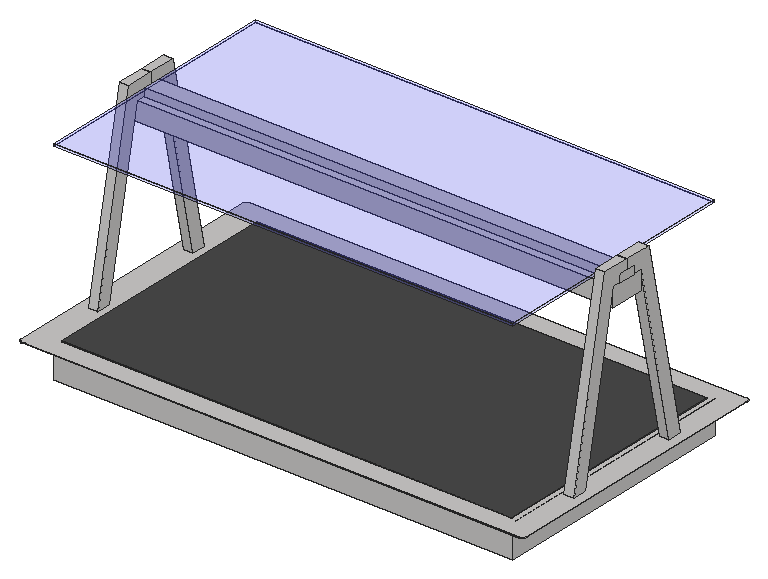
Revit family "QF_ELECTROLUXPROFESSIONAL_341181_D04C3", category Attrezzature speciali, Revit 2020
Family settings
  Quota connettore circolare = Usa diametro
  Tipo di parte = Normale
  Basato su piano di lavoro = No
  Sempre verticale = Sì
  Taglio con vuoti quando caricato = No
  Condiviso = No
  Punto di calcolo locali = No
Parameters (values of type "Standard")
  Weight = 38.10 kg
  Watts = 0 W
  Volts = 220 V
  URL Manufacturer = "https://www.electroluxprofessional.com/"
  URL = "https://www.electroluxprofessional.com/"
  Steam Supply Size = 0 mm
  Steam Supply Minimum Pressure = 0.0 Pa
  Steam Supply Maximum Pressure = 0.0 Pa
  Steam Consumption per Hour = 0
  Refrigeration Suction Line Size = 0 mm
  Refrigeration Liquid Line Size = 0 mm
  Refrigerant Compressor Remote = yes
  Prospetto di default = 0 mm
  Produttore = "Electrolux Professional"
  Phase = 1
  Modello = "D04C3"
  Length Actual = 1100 mm  # constant formula
  Item Number = "341181"
  Hot Water Size = 0 mm
  Height Actual = 484 mm  # constant formula
  HP = "0 HP"
  Gas Size = 0 mm
  Gas KW = 0
  Gas Input Pressure = 0 W
  Direct Waste Size = 0 mm
  Descrizione = "DROP-IN TEMPERED GLASS TOP, 3GN WITH A TYPE OVERSHELF AND HALOGEN LAMP"
  Depth Actual = 620 mm  # constant formula
  Cycle = 50 Hz
  Condensate Return Size = 0 mm
  Compressed Air Volume = 0.0 L/s
  Compressed Air Size = 0 mm
  Compressed Air Pressure = 0.0 Pa
  Cold Water Size = 0 mm
  Accessory = yes
Reference planes
  plane 1 "BACK": y = 0
  plane 2: z = 5.426
  plane 3 "LEFT": x = 0
  plane 4: y = -620
  plane 5: z = 409.426
  plane 6: y = -310
Forms (mm)
  Extrusion 1, solid, material "QF_Finishes_Stainless Steel"
    sketch origin (0, 0, 5.426) x (1, 0, 0) y (0, 1, 0)
      loop
        arc (10, 0) -> (2.929, -2.929) -> (0, -10) r 10
        line (0, -10) -> (0, -610)
        arc (0, -610) -> (2.929, -617.071) -> (10, -620) r 10
        line (10, -620) -> (1090, -620)
        arc (1090, -620) -> (1097.071, -617.071) -> (1100, -610) r 10
        line (1100, -610) -> (1100, -10)
        arc (1100, -10) -> (1097.071, -2.929) -> (1090, 0) r 10
        line (1090, 0) -> (10, 0)
    from 0 to 1
  Extrusion 2, solid, material "QF_Finishes_Stainless Steel"
    sketch origin (0, 0, 184.548) x (1, 0, 0) y (0, 1, 0)
      loop
        line (50, -35) -> (50, -585) -> (1050, -585) -> (1050, -35) -> (50, -35)
    from -251.122 to -179.122
  Extrusion 3, solid, material "QF_Finishes_Stainless Steel"
    sketch origin (21.5, -620, 0) x (0, -1, 0) y (0, 0, -1)
      loop
        line (-310, -409.426) -> (-250.873, -409.426) -> (-165, -5.426) -> (-195, -5.426) -> (-272.583, -370.426) -> (-310, -370.426) -> (-310, -409.426)
    from 0 to 20
  Extrusion 4, solid, material "QF_Finishes_Stainless Steel"
    sketch origin (21.5, 0, 0) x (0, 1, 0) y (0, 0, 1)
      loop
        line (-310, 409.426) -> (-310, 370.426) -> (-272.583, 370.426) -> (-195, 5.426) -> (-165, 5.426) -> (-250.873, 409.426) -> (-310, 409.426)
    from 0 to 20
  Extrusion 5, solid, material "QF_Finishes_Stainless Steel"
    sketch origin (1078, -620, 0) x (0, -1, 0) y (0, 0, 1)
      loop
        line (-310, 409.426) -> (-310, 370.426) -> (-272.583, 370.426) -> (-195, 5.426) -> (-165, 5.426) -> (-250.873, 409.426) -> (-310, 409.426)
    from 0 to 20
  Extrusion 6, solid, material "QF_Finishes_Stainless Steel"
    sketch origin (1078, 0, 0) x (0, 1, 0) y (0, 0, -1)
      loop
        line (-310, -409.426) -> (-250.873, -409.426) -> (-165, -5.426) -> (-195, -5.426) -> (-272.583, -370.426) -> (-310, -370.426) -> (-310, -409.426)
    from 0 to 20
  Extrusion 7, solid, material "QF_Finishes_Stainless Steel"
    sketch origin (0, 0, 0) x (0, 1, 0) y (0, 0, 1)
      loop
        line (-291.292, 370.426) -> (-291.292, 387.956) -> (-328.917, 387.956) -> (-328.917, 370.426) -> (-291.292, 370.426)
    from 21.5 to 1078
  Extrusion 8, solid, material "Vetro"
    sketch origin (0, 0, 5.426) x (1, 0, 0) y (0, 1, 0)
      loop
        line (50, -35) -> (50, -585) -> (1050, -585) -> (1050, -35) -> (50, -35)
    from 382.529 to 387.529
  Extrusion 9, solid, material "QF_Finishes_Stainless Steel"
    sketch origin (0, 0, 0) x (0, 1, 0) y (0, 0, 1)
      loop
        line (-272.583, 370.426) -> (-347.583, 370.426) -> (-347.583, 330.426) -> (-272.583, 330.426) -> (-272.583, 370.426)
    from 21.5 to 1078
  Extrusion 10, solid, material "QF_Finishes_Stainless Steel"
    sketch origin (34.947, 0, 0) x (0, 1, 0) y (0, 0, 1)
      loop
        line (-280.414, 330.426) -> (-340.414, 330.426) -> (-340.414, 325.426) -> (-280.414, 325.426) -> (-280.414, 330.426)
    from 113.553 to 313.553
  Extrusion 11, solid, material "QF_Finishes_Stainless Steel"
    sketch origin (769.053, 0, 0) x (0, 1, 0) y (0, 0, -1)
      loop
        line (-280.414, -330.426) -> (-280.414, -325.426) -> (-340.414, -325.426) -> (-340.414, -330.426) -> (-280.414, -330.426)
    from 113.553 to 313.553
  Extrusion 12, solid, material "QF_Finishes_Stainless Steel"
    sketch origin (650.947, 0, 0) x (0, 1, 0) y (0, 0, 1)
      loop
        line (-280.414, 330.426) -> (-340.414, 330.426) -> (-340.414, 325.426) -> (-280.414, 325.426) -> (-280.414, 330.426)
    from 113.553 to 313.553
  Extrusion 13, solid, material "QF_Finishes_Black"
    sketch origin (0, 0, 6.426) x (1, 0, 0) y (0, 1, 0)
      loop
        line (60, -45) -> (60, -575) -> (1040, -575) -> (1040, -45) -> (60, -45)
    from 0 to 1
  Extrusion 14, solid, material "QF_Finishes_Stainless Steel"
    sketch origin (1012.404, 17.714, -99.574) x (1, 0, 0) y (0, 1, 0)
      loop
        line (-392.404, -132.714) -> (-392.404, -152.714) -> (-372.404, -152.714) -> (-372.404, -132.714) -> (-392.404, -132.714)
    from 0 to 33
Dimensions and locks
  equal spacing: Extrusion 1, Extrusion 2 sketch curve, Extrusion 2 sketch curve, Extrusion 1  (x2)
  Extrusion 1 to Extrusion 1 = 1100 mm
  Extrusion 1 to plane 1 "BACK" = 620 mm
  plane 5 to plane 2 = 404 mm
  equal spacing: Extrusion 8, Extrusion 13 sketch curve, Extrusion 13 sketch curve, Extrusion 8  (x2)
  aligned and locked: level to plane 2
Connectors
  electrical at (630, -125, -99.574)
    settings: on Extrusion 14, index 5, voltage 0 V, apparent load 0 VA, apparent load phase1 0 VA, apparent load phase2 0 VA, apparent load phase3 0 VA, power factor 1, load classification "Altro", number of poles 1, system type 30, power factor state 1, is connector primary yes, connector utility no, sub classification motor no, connector description "EI"
